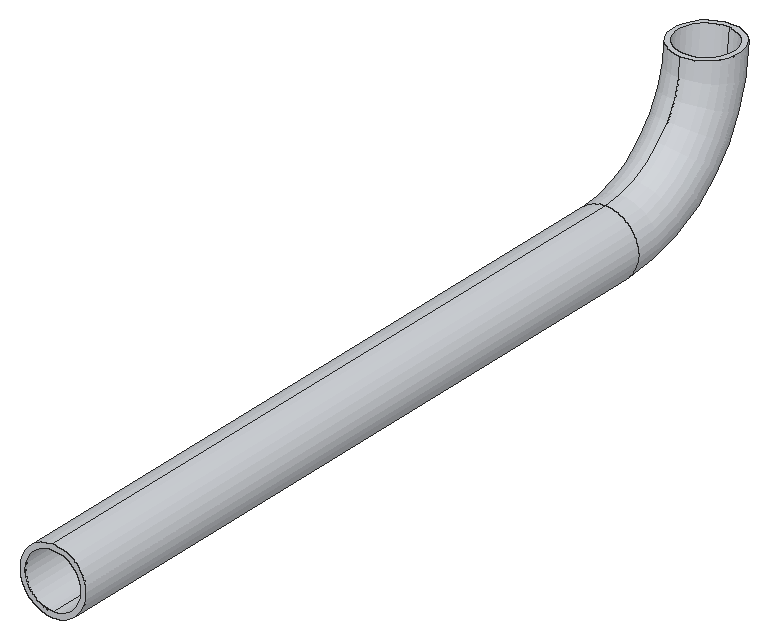
Revit family "04a9fda8f4d94a2db72200322ce8955d", category Generic Models, host Face, Revit 2021
Family settings
  Host = Face
  Can host rebar = No
  Round Connector Dimension = Use Diameter
  Part Type = Normal
  Cut with Voids When Loaded = No
  Shared = No
  Room Calculation Point = No
Parameters (values of type "D 3/4")
  WallDepth = 0' - 8"
  Position = WallDepth / 2  # 0' - 4"
  InnerRadius = 0' - 0 57/64"
  Inner Height = Height - Position  # 1' - 10"
  Height = 2' - 2"
  OuterRadius = 0' - 1 3/64"
  Default Elevation = 0' - 0"
Types (4): name | WallDepth | Position | InnerRadius | Inner Height | Height | OuterRadius
  (no name) | 0' - 8" | 0' - 4" | 0' - 0 57/64" | 1' - 10" | 2' - 2" | 0' - 1 3/64"
  D 3/4 | 0' - 8" | 0' - 4" | 0' - 0 57/64" | 1' - 10" | 2' - 2" | 0' - 1 3/64"
  D 1 1/4 | 1' - 0" | 0' - 6" | 0' - 1 13/32" | 1' - 10" | 2' - 4" | 0' - 1 21/32"
  D 1 | 0' - 10" | 0' - 5" | 0' - 1 1/16" | 1' - 7" | 2' - 0" | 0' - 1 5/16"
Reference planes (in)
  plane 1 "Center (Front/Back)": y = 0
  plane 2: z = 0
  plane 3 "Center (Left/Right)": x = 0
  plane 4: y = 22
Forms (in)
  Extrusion 1, solid
    sketch origin (0, -5.70866, 4.55436) x (0, 0, 1) y (-1, 0, 0)
      loop
        circle (-8.55436, 0) r 1.04688
      loop
        circle (-8.55436, 0) r 0.89062
    from -5.70866 to -27.70866
  Sweep 2, solid
    path origin (0, 0, 0) x (0, 1, 0) y (0, 0, 1)
      loop
        arc (22, -4) -> (24.82843, -2.82843) -> (26, 0) r 4
    profile origin (0, 24.82843, -2.82843) x (0, -0.707107, 0.707107) y (1, 0, 0)
      loop
        circle (0, 0) r 1.04688
      loop
        circle (0, 0) r 0.89062
Cuts and joins
  joined: Extrusion 1, Sweep 2
Dimensions and locks (in)
  "Position": Extrusion 1 sketch curve to host face  (x2)
  "Inner Height": plane 4 to plane 1 "Center (Front/Back)"
  "OuterRadius": radius of Extrusion 1 sketch curve
  "Position": radius of Sweep 2 sketch curve
  "OuterRadius": radius of Sweep 2 sketch curve
  "InnerRadius": radius of Sweep 2 sketch curve
  "InnerRadius": radius of Extrusion 1 sketch curve
  aligned and locked: plane 2 to host face
  aligned and locked: level to host face
  aligned and locked: Extrusion 1 to plane 4
  aligned and locked: plane 1 "Center (Front/Back)" to Extrusion 1
Automatic sketch dimensions
  host sketch curve to host sketch curve = 8' - 0"  (x2)
  Extrusion 1 sketch curve to Extrusion 1 sketch curve = 0' - 0"
  Extrusion 1 sketch curve to plane 3 "Center (Left/Right)" = 0' - 0"
  Sweep 2 sketch curve to plane 4 = 0' - 0"
  Sweep 2 sketch curve to level = 0' - 0"
  Sweep 2 sketch curve to Sweep 2 sketch curve = 0' - 0"  (x2)
  Sweep 2 sketch curve to plane 3 "Center (Left/Right)" = 0' - 0"
  Sweep 2 sketch curve to profile plane = 0' - 0"
